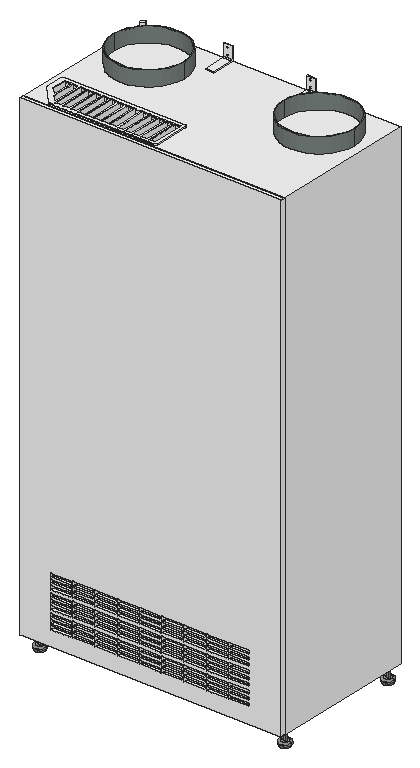
Revit family "AME 900 F VV", category Mechanical Equipment, Revit 2019 (continued)
Automatic sketch dimensions
  Revolve 13 sketch curve to Revolve 13 sketch curve = 6 mm  (x2)
  Revolve 13 sketch curve to Revolve 13 sketch curve = 19 mm
  level to Revolve 13 sketch curve = 9 mm
  Revolve 13 sketch curve to Revolve 13 sketch curve = 0 mm  (x3)
  plane 5 "Center L/T" to Extrusion 14 sketch curve = 35.042 mm
  Extrusion 14 sketch curve to plane 4 "Center L/S" = 67 mm
  Blend 15 sketch curve to plane 6 "Center L/U" = 35 mm  (x2)
  Blend 15 sketch curve to plane 4 "Center L/S" = 67 mm  (x2)
  level to Revolve 16 sketch curve = 9 mm
  Revolve 16 sketch curve to plane 6 "Center L/U" = 60 mm
  Revolve 16 sketch curve to Revolve 16 sketch curve = 6 mm  (x2)
  Revolve 16 sketch curve to Revolve 16 sketch curve = 19 mm
  Revolve 16 sketch curve to Revolve 16 sketch curve = 0 mm  (x3)
  Extrusion 17 sketch curve to plane 6 "Center L/U" = 35 mm
  Extrusion 17 sketch curve to plane 4 "Center L/S" = 67 mm
  Extrusion 18 sketch curve to Extrusion 18 sketch curve = 0 mm  (x2)
  Extrusion 18 sketch curve to Extrusion 1 = 200 mm  (x2)
  Extrusion 19 sketch curve to Extrusion 19 sketch curve = 0 mm  (x2)
  Extrusion 19 sketch curve to Extrusion 1 = 200 mm  (x2)
  Extrusion 20 sketch curve to Extrusion 3 = 11 mm
  Extrusion 3 to Extrusion 20 sketch curve = 10 mm
  Extrusion 20 sketch curve to Extrusion 3 = 19 mm  (x2)
  Extrusion 21 sketch curve to Extrusion 3 = 11 mm
  Extrusion 3 to Extrusion 21 sketch curve = 10 mm
  Extrusion 3 to Extrusion 21 sketch curve = 347 mm
  Extrusion 21 sketch curve to Extrusion 21 sketch curve = 0 mm
  plane 7 to Extrusion 22 sketch curve = 0 mm
  plane 5 "Center L/T" to Extrusion 22 sketch curve = 35.508 mm
  level to Extrusion 3 sketch curve = 2253.598 mm
  level to Extrusion 4 sketch curve = 2253.598 mm
  Extrusion 2 sketch curve to Extrusion 2 sketch curve = 2115 mm
  Extrusion 23 sketch curve to plane 4 "Center L/S" = 44 mm  (x3)
  Extrusion 23 sketch curve to Extrusion 23 sketch curve = 0 mm  (x19)
  Extrusion 23 sketch curve to Extrusion 23 sketch curve = 1.96 mm  (x12)
  Extrusion 23 sketch curve to Extrusion 23 sketch curve = 2.031 mm
  Extrusion 23 sketch curve to Extrusion 23 sketch curve = 8.974 mm
  Extrusion 23 sketch curve to Extrusion 23 sketch curve = 1.349 mm
  Extrusion 23 sketch curve to Extrusion 23 sketch curve = 27.9 mm
  Extrusion 23 sketch curve to Extrusion 23 sketch curve = 1.328 mm
  Extrusion 23 sketch curve to Extrusion 23 sketch curve = 9.222 mm
  Extrusion 23 sketch curve to Extrusion 23 sketch curve = 1.311 mm
  plane 5 "Center L/T" to Extrusion 23 sketch curve = 49.503 mm
  Extrusion 23 sketch curve to Extrusion 23 sketch curve = 28.013 mm
  Extrusion 23 sketch curve to Extrusion 23 sketch curve = 1.317 mm
  Extrusion 23 sketch curve to Extrusion 23 sketch curve = 91.258 mm
  Extrusion 23 sketch curve to Extrusion 23 sketch curve = 0.006 mm  (x2)
  Extrusion 23 sketch curve to plane 3 "Center (Left/Right)" = 85.001 mm
  Extrusion 23 sketch curve to Extrusion 23 sketch curve = 138.04 mm
  Extrusion 23 sketch curve to plane 3 "Center (Left/Right)" = 14 mm
  Extrusion 23 sketch curve to Extrusion 23 sketch curve = 0.007 mm
  Extrusion 23 sketch curve to Extrusion 23 sketch curve = 0.053 mm
  Extrusion 23 sketch curve to Extrusion 23 sketch curve = 1.953 mm  (x2)
  Extrusion 23 sketch curve to Extrusion 23 sketch curve = 2.006 mm
  Extrusion 23 sketch curve to Extrusion 23 sketch curve = 2.001 mm  (x11)
  Extrusion 23 sketch curve to Extrusion 23 sketch curve = 1.999 mm
  Extrusion 23 sketch curve to Extrusion 23 sketch curve = 26.999 mm  (x6)
  Extrusion 23 sketch curve to Extrusion 23 sketch curve = 5.5 mm  (x14)
  Extrusion 23 sketch curve to Extrusion 23 sketch curve = 27.04 mm  (x5)
  Extrusion 23 sketch curve to Extrusion 23 sketch curve = 26.969 mm
  Extrusion 23 sketch curve to Extrusion 23 sketch curve = 2.022 mm
  Extrusion 23 sketch curve to Extrusion 23 sketch curve = 24.986 mm
  Extrusion 23 sketch curve to Extrusion 23 sketch curve = 1.484 mm
  Extrusion 23 sketch curve to Extrusion 23 sketch curve = 1.967 mm
  Extrusion 23 sketch curve to Extrusion 23 sketch curve = 1.472 mm
  Extrusion 24 sketch curve to Extrusion 1 = 26 mm
  Extrusion 24 sketch curve to Extrusion 24 sketch curve = 2.576 mm
  Extrusion 24 sketch curve to Extrusion 24 sketch curve = 10 mm  (x2)
  Extrusion 24 sketch curve to Extrusion 24 sketch curve = 10.113 mm
  Extrusion 24 sketch curve to Extrusion 1 = 13.332 mm
  Extrusion 24 sketch curve to Extrusion 1 = 101.513 mm
  Extrusion 24 sketch curve to Extrusion 24 sketch curve = 7.452 mm
  Extrusion 24 sketch curve to Extrusion 1 = 10 mm
  Extrusion 24 sketch curve to Extrusion 24 sketch curve = 455.035 mm
  Extrusion 24 sketch curve to Extrusion 24 sketch curve = 0 mm
  Extrusion 24 sketch curve to Extrusion 1 = 94.849 mm
  Extrusion 24 sketch curve to Extrusion 24 sketch curve = 152.354 mm
  radius of Blend 6 sketch curve = 21 mm
  radius of Blend 6 sketch curve = 25 mm
  radius of Extrusion 8 sketch curve = 5 mm
  radius of Blend 9 sketch curve = 21 mm
  radius of Blend 9 sketch curve = 25 mm
  radius of Extrusion 11 sketch curve = 5 mm
  radius of Blend 12 sketch curve = 21 mm
  radius of Blend 12 sketch curve = 25 mm
  radius of Extrusion 14 sketch curve = 5 mm
  radius of Blend 15 sketch curve = 21 mm
  radius of Blend 15 sketch curve = 25 mm
  radius of Extrusion 17 sketch curve = 5 mm
  radius of Extrusion 18 sketch curve = 157.5 mm
  radius of Extrusion 18 sketch curve = 154.5 mm
  radius of Extrusion 19 sketch curve = 157.5 mm
  radius of Extrusion 19 sketch curve = 154.5 mm
  radius of Extrusion 20 sketch curve = 4 mm  (x2)
  radius of Extrusion 21 sketch curve = 4 mm  (x2)
  radius of Extrusion 22 sketch curve = 10 mm
Nested families
  nested 1: "Model Label 2019" at (17.5, -257.425, 0), Label <- "Model", type "Model Label 2019"
    with Label "AME 900 F VV"
  nested 2: "indblæssymbol" at (-1198.5, -554, 2153.598) x (0, 0, 1) z (-1, 0, 0), type "indblæssymbol"
    with dX_ 609 mm, dX 609 mm, ang2D 0.00°
  nested 3: "Pil Indtag" at (-1198.5, -1200, 449.598) x (0, 1, 0) z (-1, 0, 0), type "Pil Indtag"
    with dX_ 609 mm, dX 609 mm, ang2D 0.00°
  nested 4: "indblæssymbol" at (-333, -660, 2158.598) x (0, 0, 1) z (0, -1, 0), type "indblæssymbol"
    with dX_ 609 mm, dX 609 mm, ang2D 0.00°
  nested 5: "Pil Indtag" at (0, -1159.552, 0) x (0, 1, 0) z (0, 0, 1), type "Pil Indtag"
    with dX_ 609 mm, dX 609 mm, ang2D 0.00°
Connectors
  hvac at (-375, -200, 2193.598)
    settings: on Extrusion 18, index 4, duct flow 0.0 L/s, flow factor 0, pres drop 0.0 Pa, loss coef 0, conn angle 0.00°, conn width 304.8 mm, conn height 304.8 mm, conn diameter 315 mm, duct sys type 3, conn prof type 0, flow config 0, flow direction 2, loss method 0, conn ref index -1, conn util no, is conn primary yes, conn desc ""
  hvac at (375, -200, 2193.598)
    settings: on Extrusion 19, index 5, duct flow 0.0 L/s, flow factor 0, pres drop 0.0 Pa, loss coef 0, conn angle 0.00°, conn width 304.8 mm, conn height 304.8 mm, conn diameter 315 mm, duct sys type 1, conn prof type 0, flow config 0, flow direction 1, loss method 0, conn ref index -1, conn util no, is conn primary no, conn desc ""
  electrical at (-539.492, -26, 2228.598)
    settings: on Extrusion 22, index 6, voltage 0 V, apparent load 0 VA, apparent load phase1 0 VA, apparent load phase2 0 VA, apparent load phase3 0 VA, power factor 1, load classification "Other", number of poles 1, system type 31, power factor state 1, is connector primary yes, connector utility no, sub classification motor no, connector description ""
Definition of nested family "Model Label 2019"
  Parameters (values of type "Model Label 2019")
    Label [instance] = ""
  Reference planes
    plane 1: y = 0
    plane 2: x = 0
  Text (mm)
    label "Label" at (-0.131, 0.049, 0), shows "Label"
Definition of nested family "indblæssymbol"
  Parameters (values of type "indblæssymbol")
    dX_ [instance] = if(dX = 0 mm, 1 mm, dX)  # 609 mm
    dX [instance] = 609 mm
    ang2D [instance] = 0.00°
    Type Comments = "DO NOT CHANGE dX value from 608 mm ( 2 ft )"
    Afstand pil = 50 mm
  Reference planes
    plane 1 "Center (Front/Back)": y = 0
    plane 2: z = 0
    plane 3 "Center (Left/Right)": x = 0
  Lines and regions (mm)
    Filled region 1, type "Concrete", in view "Ref. Level"
      outline origin (50.005, 0, 0) x (1, 0, 0) y (0, 1, 0)
        loop
          line (399.995, 0.414) -> (301.442, 17.365) -> (301.588, -17.365) -> (399.995, 0.414)
    reference lines, in view "Ref. Level"
      curve 1: line (50, 134.129, 0) -> (50, -145.871, 0)
    detail lines, in view "Ref. Level"
      curve 2: line (351.52, 0, 0) -> (50, 0, 0)
  Dimensions and locks
    "Afstand pil": plane 3 "Center (Left/Right)" to curve 1
    curve 1 to Filled region 1 = 400 mm
  Automatic sketch dimensions
    Filled region 1 sketch curve to plane 1 "Center (Front/Back)" = 0.414 mm
    plane 3 "Center (Left/Right)" to Filled region 1 sketch curve = 450 mm
    plane 1 "Center (Front/Back)" to Filled region 1 sketch curve = 17.365 mm
    Filled region 1 sketch curve to Filled region 1 sketch curve = 98.407 mm
    Filled region 1 sketch curve to plane 1 "Center (Front/Back)" = 17.365 mm
    Filled region 1 sketch curve to Filled region 1 sketch curve = 0.146 mm
    plane 1 "Center (Front/Back)" to curve 2 = 0 mm
    plane 3 "Center (Left/Right)" to curve 2 = 50 mm
    curve 2 to curve 2 = 301.52 mm
    plane 1 "Center (Front/Back)" to curve 1 = 145.871 mm
    curve 1 to plane 1 "Center (Front/Back)" = 134.129 mm
Definition of nested family "Pil Indtag"
  Parameters (values of type "Pil Indtag")
    dX_ [instance] = if(dX = 0 mm, 1 mm, dX)  # 609 mm
    dX [instance] = 609 mm
    ang2D [instance] = 0.00°
    Type Comments = "DO NOT CHANGE dX value from 608 mm ( 2 ft )"
    Afstand pil = 50 mm
  Reference planes
    plane 1 "Center (Front/Back)": y = 0
    plane 2: z = 0
    plane 3 "Center (Left/Right)": x = 0
    plane 4: x = 500
  Lines and regions (mm)
    Filled region 1, type "Concrete", in view "Ref. Level"
      outline origin (0, 0, 0) x (1, 0, 0) y (0, 1, 0)
        loop
          line (499.552, 0) -> (401.072, 17.365) -> (401.072, -17.365) -> (499.552, 0)
    reference lines, in view "Ref. Level"
      curve 1: line (50, 134.129, 0) -> (50, -145.871, 0)
    detail lines, in view "Ref. Level", not visible
      curve 2: arc (335, 0, 0) -> (385.559, -50.321, 0) -> (434.999, 1.101, 0) r 50.01
      curve 3: arc (335, 0, 0) -> (285.666, 52.633, 0) -> (235.069, 1.212, 0) r 50.01
      curve 4: line (434.999, 1.101, 0) -> (434.999, 21.156, 0)
      curve 5: line (235.069, 1.212, 0) -> (235.069, -18.844, 0)
    detail lines, in view "Ref. Level"
      curve 6: arc (225.332, 0, 0) -> (272.332, -35.211, 0) -> (294.114, 19.326, 0) r 36.995
      curve 7: arc (225.206, 0, 0) -> (173.868, 30.307, 0) -> (156.85, -26.829, 0) r 37.835
      curve 8: line (499.552, 0, 0) -> (401.072, 17.365, 0)
      curve 9: line (401.072, 17.365, 0) -> (401.072, -17.365, 0)
      curve 10: line (401.072, -17.365, 0) -> (499.552, 0, 0)
      curve 11: line (499.552, 0, 0) -> (-15.448, 0, 0)
  Dimensions and locks
    "Afstand pil": plane 3 "Center (Left/Right)" to curve 1
    plane 3 "Center (Left/Right)" to plane 4 = 500 mm
  Automatic sketch dimensions
    plane 1 "Center (Front/Back)" to Filled region 1 sketch curve = 0 mm
    Filled region 1 sketch curve to plane 4 = 0.448 mm
    plane 1 "Center (Front/Back)" to Filled region 1 sketch curve = 17.365 mm
    Filled region 1 sketch curve to plane 4 = 98.928 mm
    Filled region 1 sketch curve to plane 1 "Center (Front/Back)" = 17.365 mm
    plane 1 "Center (Front/Back)" to curve 11 = 0 mm
    plane 1 "Center (Front/Back)" to curve 7 = 4.913 mm
    plane 3 "Center (Left/Right)" to curve 7 = 187.691 mm
    curve 6 to plane 1 "Center (Front/Back)" = 0.405 mm
    curve 7 to curve 6 = 74.634 mm
    curve 9 to plane 1 "Center (Front/Back)" = 17.365 mm
    curve 9 to plane 4 = 98.928 mm
    curve 11 to plane 4 = 0.448 mm
    plane 1 "Center (Front/Back)" to curve 10 = 17.365 mm
    curve 7 to curve 7 = 30.842 mm
    curve 11 to plane 3 "Center (Left/Right)" = 15.448 mm
    curve 7 to curve 6 = 37.119 mm
    curve 7 to curve 6 = 0.126 mm
    curve 6 to plane 1 "Center (Front/Back)" = 19.326 mm
    plane 1 "Center (Front/Back)" to curve 1 = 145.871 mm
    curve 1 to plane 1 "Center (Front/Back)" = 134.129 mm
